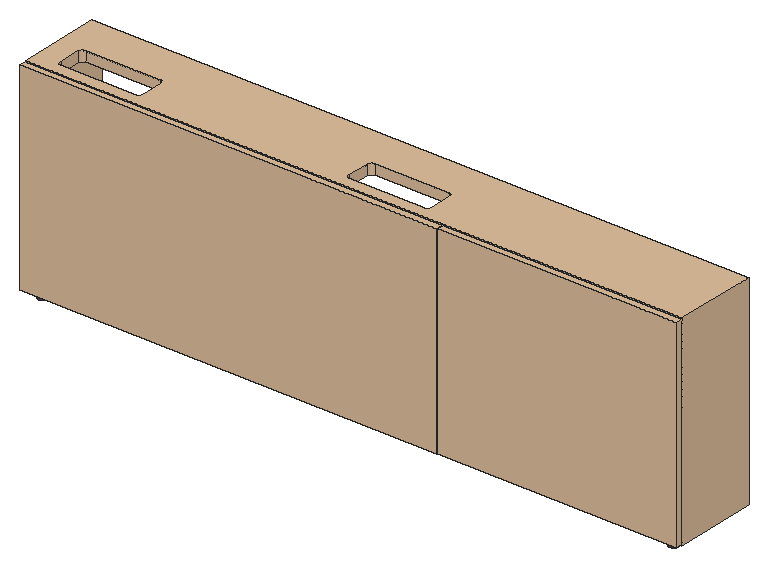
Revit family "Workstations-Height_Adjustable-Teknion-BHKFH-Mid_Height_Fixed_Run_Off-R2018", category Furniture, Revit 2018
Family settings
  OmniClass Number = 23.40.20.00
  OmniClass Title = General Furniture and Specialties
  Work Plane-Based = No
  Always vertical = Yes
  Cut with Voids When Loaded = No
  Shared = Yes
  Room Calculation Point = No
Parameters (values of type "66" Width")
  Width = 66.000"
  Warranty = "http://www.teknion.com/ca/papers/legal-canada"
  Unit Weight URL = "http://www.teknion.com/ca/tools/assets#&asset=bee6a381-b954-425e-8283-5a2de3a804f2,f828d448-4b62-4231-9e5f-9a8991c0ed77"
  URL = "www.teknion.com"
  To render please download texture images found here [instance] = "https://assets.teknion.com/web/5e81352c1dfdb467/revit-material-swatches/"
  Sustainability Data = "https://www.teknion.com/ca/tools/assets#&topic=216f99a5-57a0-44fc-b10a-9dee9b29ae4c&asset=444deb64-fe58-4b68-981e-f75e97781df7,b4ff2d81-9f2e-437d-9659-7cffb09c31cf"
  Series = "Expansion Casegoods"  # constant formula
  Right Support Visibility [instance] = if([Left Run-Off Configuration], not(or(and(Width = 66.000", [Run-Off Depth] = 24.000"), and(Width = 72.000", [Run-Off Depth] = 30.000"), and(Width = 78.000", [Run-Off Depth] = 36.000"))), 0 < 1)  # yes
  Right Support [instance] = if([Right Run-Off Configuration], Further Support, Actual Width - Closer Support)  # 41.729"
  Right Runoff Holes [instance] = if([Left Run-Off Configuration], 3.000", 10.000")  # 10.000"
  Right Drawer Cut Visibility 2D [instance] = Right Drawer Cut Visibility = 21.000"  # yes
  Right Drawer Cut Visibility [instance] = if([Left Run-Off Configuration], if(or(and(Width = 90.000", [Run-Off Depth] = 30.000"), and(Width = 90.000", [Run-Off Depth] = 24.000"), and(Width = 84.000", [Run-Off Depth] = 24.000")), 21.000", 0.500"), 21.000")  # 21.000"
  Right Drawer Cut Offset [instance] = if([Left Run-Off Configuration], 0.000", 0.059")  # 0.059"
  Right Construction Node [instance] = and(Connection Node Visibility, [Right Run-Off Configuration])  # yes
  Midpoint for Connection Nodes [instance] = ((Far Hole + 8.268" - Close Hole) / 2) + Close Hole  # 20.8355"
  Left Support Visibility [instance] = if([Right Run-Off Configuration], not(or(and(Width = 66.000", [Run-Off Depth] = 24.000"), and(Width = 72.000", [Run-Off Depth] = 30.000"), and(Width = 78.000", [Run-Off Depth] = 36.000"))), 0 < 1)  # no
  Left Support [instance] = if([Right Run-Off Configuration], Closer Support, Actual Width - Further Support)  # 21.118"
  Left Runoff Holes [instance] = if([Right Run-Off Configuration], 3.000", 10.000")  # 3.000"
  Left Drawer Cut Visibility 2D [instance] = Left Drawer Cut Visibility = 21.000"  # no
  Left Connection Node [instance] = and(Connection Node Visibility, [Left Run-Off Configuration])  # no
  Further Support [instance] = if(and(Width = 66.000", [Run-Off Depth] = 24.000"), 41.729", if(and(Width = 72.000", [Run-Off Depth] = 24.000"), 47.699", if(and(Width = 72.000", [Run-Off Depth] = 30.000"), 41.699", if(and(Width = 78.000", [Run-Off Depth] = 24.000"), 53.669", if(and(Width = 78.000", [Run-Off Depth] = 30.000"), 47.669", if(and(Width = 78.000", [Run-Off Depth] = 36.000"), 41.669", if(and(Width = 84.000", [Run-Off Depth] = 24.000"), 59.639", if(and(Width = 84.000", [Run-Off Depth] = 30.000"), 53.639", if(and(Width = 84.000", [Run-Off Depth] = 36.000"), 47.639", if(and(Width = 90.000", [Run-Off Depth] = 24.000"), 65.609", if(and(Width = 90.000", [Run-Off Depth] = 30.000"), 59.609", 53.609")))))))))))  # 41.729"
  Run-Off Depth Availability [instance] = if(Width = 66.000", "24 Inches", if(Width = 72.000", "24, and 30 Inches", "24, 30, and 36 Inches"))  # "24 Inches"
  Run-Off Depth [instance] = 24.000"
  Right Run-Off Configuration [instance] = not([Left Run-Off Configuration])  # yes
  Product Page URL = "https://www.teknion.com/ca/products/product-details?productLineId=0053336e-8e7a-673b-a6c8-ff00004460c4"
  Product Line = "Expansion Casegoods"  # constant formula
  Product Documentation Link = "https://www.teknion.com/pricing/expansion-casegoods/pdfs/BHKFH_ppg.pdf"
  Part Number = "BHKFH"  # constant formula
  Model = "BHKFH96621_"
  Manufacturer Phone = "416-661-3370"  # constant formula
  Manufacturer Fax = "416.661.4586"  # constant formula
  Manufacturer Contact Information = "http://www.teknion.com/ca/contactus"
  Manufacturer Address = "1150 Flint Road, Toronto, ON. M3J 2J5. Canada"  # constant formula
  Manufacturer = "Teknion"  # constant formula
  Left Run-Off Configuration [instance] = no
  How To Use Teknion Materials User Guide [instance] = "https://assets.teknion.com/m/205dd0a49fa58060/original/How-to-add-a-Material-Library-and-Texture-Images-to-your-Revit-project.pdf"
  Front Finish [instance] = Veneer - Teknion - 5N - Flintwood - White Oak
  For Additional Finishes please visit [instance] = "https://assets.teknion.com/m/44a8009b046e5d47/original/Teknion_Materials_Library.zip"
  Left Drawer Cut Visibility [instance] = if([Right Run-Off Configuration], if(or(and(Width = 90.000", [Run-Off Depth] = 30.000"), and(Width = 90.000", [Run-Off Depth] = 24.000"), and(Width = 84.000", [Run-Off Depth] = 24.000")), 21.000", 0.500"), 21.000")  # 0.500"
  Left Drawer Cut Offset [instance] = if([Right Run-Off Configuration], 0.000", 0.059")  # 0.000"
  Far Hole [instance] = if(and(Width = 66.000", [Run-Off Depth] = 24.000"), 31.129", if(and(Width = 72.000", [Run-Off Depth] = 24.000"), 37.099", if(and(Width = 72.000", [Run-Off Depth] = 30.000"), 31.114", if(and(Width = 78.000", [Run-Off Depth] = 24.000"), 38.342", if(and(Width = 78.000", [Run-Off Depth] = 30.000"), 37.084", if(and(Width = 78.000", [Run-Off Depth] = 36.000"), 31.099", if(and(Width = 84.000", [Run-Off Depth] = 24.000"), 44.312", if(and(Width = 84.000", [Run-Off Depth] = 30.000"), 38.327", if(and(Width = 84.000", [Run-Off Depth] = 36.000"), 37.069", if(and(Width = 90.000", [Run-Off Depth] = 24.000"), 50.282", if(and(Width = 90.000", [Run-Off Depth] = 30.000"), 44.297", 38.312")))))))))))  # 31.129"
  Description = "Mid-Height Kneespace Module Height-Adjustability and Fixed Run-Off, 9\" Depth, 66\" Width, 21\" Height"
  Connection Node Visibility [instance] = yes
  Closer Support [instance] = if(and(Width = 66.000", [Run-Off Depth] = 24.000"), 21.118", if(and(Width = 72.000", [Run-Off Depth] = 24.000"), 23.820", if(and(Width = 72.000", [Run-Off Depth] = 30.000"), 21.103", if(and(Width = 78.000", [Run-Off Depth] = 24.000"), 26.805", if(and(Width = 78.000", [Run-Off Depth] = 30.000"), 23.805", if(and(Width = 78.000", [Run-Off Depth] = 36.000"), 21.088", if(and(Width = 84.000", [Run-Off Depth] = 24.000"), 29.790", if(and(Width = 84.000", [Run-Off Depth] = 30.000"), 26.790", if(and(Width = 84.000", [Run-Off Depth] = 36.000"), 23.790", if(and(Width = 90.000", [Run-Off Depth] = 24.000"), 32.775", if(and(Width = 90.000", [Run-Off Depth] = 30.000"), 29.775", 26.775")))))))))))  # 21.118"
  Close Hole [instance] = if(and(Width = 66.000", [Run-Off Depth] = 24.000"), 2.274", if(and(Width = 72.000", [Run-Off Depth] = 24.000"), 2.274", if(and(Width = 72.000", [Run-Off Depth] = 30.000"), 2.259", if(and(Width = 78.000", [Run-Off Depth] = 24.000"), 7.000", if(and(Width = 78.000", [Run-Off Depth] = 30.000"), 2.259", if(and(Width = 78.000", [Run-Off Depth] = 36.000"), 2.244", if(and(Width = 84.000", [Run-Off Depth] = 24.000"), 7.000", if(and(Width = 84.000", [Run-Off Depth] = 30.000"), 6.985", if(and(Width = 84.000", [Run-Off Depth] = 36.000"), 2.244", if(and(Width = 90.000", [Run-Off Depth] = 24.000"), 7.000", if(and(Width = 90.000", [Run-Off Depth] = 30.000"), 6.985", 6.970")))))))))))  # 2.274"
  Case Finish [instance] = Veneer - Teknion - 5N - Flintwood - White Oak
  Assembly Code = "E2020200"
  Actual Width = if(Width = 66.000", 65.670", if(Width = 72.000", 71.640", if(Width = 78.000", 77.610", if(Width = 84.000", 83.580", 89.550"))))  # 65.670"
Types (6): name | Width | Right Support | Right Runoff Holes | Right Drawer Cut Offset | Right Construction Node | Midpoint for Connection Nodes | Left Support Visibility | Left Support | Left Runoff Holes | Left Drawer Cut Visibility 2D | Left Connection Node | Further Support | Run-Off Depth Availability | Run-Off Depth | Right Run-Off Configuration | Model | Left Run-Off Configuration | Left Drawer Cut Visibility | Left Drawer Cut Offset | Far Hole | Description | Closer Support | Close Hole | Actual Width
  (no name) | 66.000" | 41.729" | 10.000" | 0.059" | yes | 20.8355" | no | 21.118" | 3.000" | no | no | 41.729" | "24 Inches" | 24.000" | yes | "BHKFH96621_" | no | 0.500" | 0.000" | 31.129" | "Mid-Height Kneespace Module Height-Adjustability and Fixed Run-Off, 9\" Depth, 66\" Width, 21\" Height" | 21.118" | 2.274" | 65.670"
  66" Width | 66.000" | 41.729" | 10.000" | 0.059" | yes | 20.8355" | no | 21.118" | 3.000" | no | no | 41.729" | "24 Inches" | 24.000" | yes | "BHKFH96621_" | no | 0.500" | 0.000" | 31.129" | "Mid-Height Kneespace Module Height-Adjustability and Fixed Run-Off, 9\" Depth, 66\" Width, 21\" Height" | 21.118" | 2.274" | 65.670"
  72" Width | 72.000" | 47.699" | 10.000" | 0.059" | yes | 23.8205" | yes | 23.820" | 3.000" | no | no | 47.699" | "24, and 30 Inches" | 24.000" | yes | "BHKFH97221_" | no | 0.500" | 0.000" | 37.099" | "Mid-Height Kneespace Module Height-Adjustability and Fixed Run-Off, 9\" Depth, 72\" Width, 21\" Height" | 23.820" | 2.274" | 71.640"
  78" Width | 78.000" | 53.669" | 10.000" | 0.059" | yes | 26.805" | yes | 26.805" | 3.000" | no | no | 53.669" | "24, 30, and 36 Inches" | 24.000" | yes | "BHKFH97821_" | no | 0.500" | 0.000" | 38.342" | "Mid-Height Kneespace Module Height-Adjustability and Fixed Run-Off, 9\" Depth, 78\" Width, 21\" Height" | 26.805" | 7.000" | 77.610"
  84" Width | 84.000" | 53.790" | 3.000" | 0.000" | no | 29.790" | yes | 23.941" | 10.000" | yes | yes | 59.639" | "24, 30, and 36 Inches" | 24.000" | no | "BHKFH98421_" | yes | 21.000" | 0.059" | 44.312" | "Mid-Height Kneespace Module Height-Adjustability and Fixed Run-Off, 9\" Depth, 84\" Width, 21\" Height" | 29.790" | 7.000" | 83.580"
  90" Width | 90.000" | 53.609" | 10.000" | 0.059" | yes | 26.775" | yes | 26.775" | 3.000" | no | no | 53.609" | "24, 30, and 36 Inches" | 36.000" | yes | "BHKFH99021_" | no | 0.500" | 0.000" | 38.312" | "Mid-Height Kneespace Module Height-Adjustability and Fixed Run-Off, 9\" Depth, 90\" Width, 21\" Height" | 26.775" | 6.970" | 89.550"
Reference planes (in)
  plane 1 "Center Front/Back": y = 0
  plane 2: z = 0
  plane 3 "Center Left/Right": x = 0
  plane 4 "Left": x = -32.835
  plane 5 "Right": x = 32.835
  plane 6 "Back": y = 4.4775
  plane 7 "Front": y = -4.4775
  plane 8 "Top": z = 21
  plane 9: x = -11.717
  plane 10: x = 8.894
  plane 11: x = -11.9995
  plane 12: x = 11.9995
Forms (in)
  Sweep 1, solid, material "Veneer - Teknion - 5N - Flintwood - White Oak" <- "Case Finish"
    path origin (0, 0, 0) x (1, 0, 0) y (0, 1, 0)
      loop
        line (-32.835, 0) -> (32.835, 0)
    profile origin (0, 0, 0) x (0, 1, 0) y (0, 0, 1)
      loop
        line (-3.77671, 0.60236) -> (4.4775, 0.60236) -> (4.4775, 21) -> (-3.77671, 21) -> (-3.77671, 0.60236)
  Sweep 2, void
    path origin (0, 0, 0) x (1, 0, 0) y (0, 1, 0)
      loop
        line (-31.81925, 0) -> (31.81925, 0)
    profile origin (0, 0, 0) x (0, 1, 0) y (0, 0, 1)
      loop
        line (-3.77671, 19.98425) -> (-3.77671, 1.68504) -> (3.77671, 1.68504) -> (3.77671, 9) -> (4.4775, 9) -> (4.4775, 19.98425) -> (-3.77671, 19.98425)
  Sweep 3, solid, material "Veneer - Teknion - 5N - Flintwood - White Oak" <- "Case Finish", visible <- "Left Support Visibility"
    path origin (0, 0, 0) x (1, 0, 0) y (0, 1, 0)
      loop
        line (0, 3.77671) -> (0, -3.77671)
    profile origin (0, 0, 0) x (1, 0, 0) y (0, 0, 1)
      loop
        line (-12.22487, 19.98425) -> (-12.22487, 1.68504) -> (-11.20913, 1.68504) -> (-11.20913, 19.98425) -> (-12.22487, 19.98425)
  Sweep 4, solid, material "Veneer - Teknion - 5N - Flintwood - White Oak" <- "Case Finish", visible <- "Right Support Visibility"
    path origin (0, 0, 0) x (1, 0, 0) y (0, 1, 0)
      loop
        line (0, -3.77671) -> (0, 3.77671)
    profile origin (0, 0, 0) x (-1, 0, 0) y (0, 0, 1)
      loop
        line (-9.40187, 1.68504) -> (-8.38613, 1.68504) -> (-8.38613, 19.98425) -> (-9.40187, 19.98425) -> (-9.40187, 1.68504)
  Sweep 5, solid, material "Veneer - Teknion - 5N - Flintwood - White Oak" <- "Front Finish"
    path origin (0, 0, 0) x (1, 0, 0) y (0, 1, 0)
      loop
        line (-32.835, 0) -> (32.835, 0)
    profile origin (0, 0, 0) x (0, 1, 0) y (0, 0, 1)
      loop
        line (-3.77671, 20.88189) -> (-4.4775, 20.88189) -> (-4.4775, 0.72047) -> (-3.77671, 0.72047) -> (-3.77671, 20.88189)
  Sweep 6, void
    path origin (0, 0, 0) x (1, 0, 0) y (0, 0, 1)
      loop
        line (0, 0) -> (0, 0.5)
    profile origin (0, 0, 0.25) x (-1, 0, 0) y (0, -1, 0)
      loop
        line (11.776, 3.77671) -> (11.776, 4.4775) -> (11.65789, 4.4775) -> (11.65789, 3.77671) -> (11.776, 3.77671)
  Sweep 7, void
    path origin (0, 0, 0) x (1, 0, 0) y (0, 0, 1)
      loop
        line (0, 0) -> (0, 21)
    profile origin (0, 0, 10.5) x (-1, 0, 0) y (0, -1, 0)
      loop
        line (-8.83489, 3.77671) -> (-8.83489, 4.4775) -> (-8.953, 4.4775) -> (-8.953, 3.77671) -> (-8.83489, 3.77671)
  Sweep 8, void
    path origin (0, 0, 0) x (1, 0, 0) y (0, 0, 1)
      loop
        line (0, 16) -> (0, 26)
    profile origin (0, 0, 21) x (-1, 0, 0) y (0, -1, 0)
      loop
        arc (30.561, 2.30006) -> (30.43012, 2.61603) -> (30.11415, 2.74691) r 0.44685
        line (30.11415, 2.74691) -> (22.74013, 2.74691)
        arc (22.74013, 2.74691) -> (22.42416, 2.61603) -> (22.29328, 2.30006) r 0.44685
        line (22.29328, 2.30006) -> (22.29328, 0.08352)
        arc (22.29328, 0.08352) -> (22.42416, -0.23245) -> (22.74013, -0.36333) r 0.44685
        line (22.74013, -0.36333) -> (30.11415, -0.36333)
        arc (30.11415, -0.36333) -> (30.43012, -0.23245) -> (30.561, 0.08352) r 0.44685
        line (30.561, 0.08352) -> (30.561, 2.30006)
      loop
        arc (1.706, 2.30006) -> (1.57512, 2.61603) -> (1.25915, 2.74691) r 0.44685
        line (1.25915, 2.74691) -> (-6.11487, 2.74691)
        arc (-6.11487, 2.74691) -> (-6.43084, 2.61603) -> (-6.56172, 2.30006) r 0.44685
        line (-6.56172, 2.30006) -> (-6.56172, 0.08352)
        arc (-6.56172, 0.08352) -> (-6.43084, -0.23245) -> (-6.11487, -0.36333) r 0.44685
        line (-6.11487, -0.36333) -> (1.25915, -0.36333)
        arc (1.25915, -0.36333) -> (1.57512, -0.23245) -> (1.706, 0.08352) r 0.44685
        line (1.706, 0.08352) -> (1.706, 2.30006)
  Sweep 9, void
    path origin (0, 0, 0) x (1, 0, 0) y (0, 0, 1)
      loop
        line (0, 16) -> (0, 19)
    profile origin (0, 0, 17.5) x (-1, 0, 0) y (0, -1, 0)
      loop
        arc (-22.29328, 2.30006) -> (-22.42416, 2.61603) -> (-22.74013, 2.74691) r 0.44685
        line (-22.74013, 2.74691) -> (-30.11415, 2.74691)
        arc (-30.11415, 2.74691) -> (-30.43012, 2.61603) -> (-30.561, 2.30006) r 0.44685
        line (-30.561, 2.30006) -> (-30.561, 0.08352)
        arc (-30.561, 0.08352) -> (-30.43012, -0.23245) -> (-30.11415, -0.36333) r 0.44685
        line (-30.11415, -0.36333) -> (-22.74013, -0.36333)
        arc (-22.74013, -0.36333) -> (-22.42416, -0.23245) -> (-22.29328, 0.08352) r 0.44685
        line (-22.29328, 0.08352) -> (-22.29328, 2.30006)
      loop
        arc (6.56172, 2.30006) -> (6.43084, 2.61603) -> (6.11487, 2.74691) r 0.44685
        line (6.11487, 2.74691) -> (-1.25915, 2.74691)
        arc (-1.25915, 2.74691) -> (-1.57512, 2.61603) -> (-1.706, 2.30006) r 0.44685
        line (-1.706, 2.30006) -> (-1.706, 0.08352)
        arc (-1.706, 0.08352) -> (-1.57512, -0.23245) -> (-1.25915, -0.36333) r 0.44685
        line (-1.25915, -0.36333) -> (6.11487, -0.36333)
        arc (6.11487, -0.36333) -> (6.43084, -0.23245) -> (6.56172, 0.08352) r 0.44685
        line (6.56172, 0.08352) -> (6.56172, 2.30006)
  Sweep 10, solid, material "Plastic - Teknion - E1 - Black"
    path origin (0, 0, 0) x (1, 0, 0) y (0, 0, 1)
      loop
        line (0, 0) -> (0, 0.60236)
    profile origin (0, 0, 0.30118) x (-1, 0, 0) y (0, -1, 0)
      loop
        circle (31.5724, -3.22925) r 0.5
      loop
        circle (31.5724, 3.2269) r 0.5
      loop
        circle (-31.5724, -3.22925) r 0.5
      loop
        circle (-31.5724, 3.2269) r 0.5
Cuts and joins
  Sweep 2, Sweep 8, Sweep 9 cuts Sweep 1
  Sweep 6, Sweep 7 cuts Sweep 5
Lines and regions (in)
  Masking region 1
    outline origin (0, 0, 0) x (1, 0, 0) y (0, 1, 0)
      loop
        line (-32.835, 4.4775) -> (-32.835, -3.77671) -> (32.835, -3.77671) -> (32.835, 4.4775) -> (-32.835, 4.4775)
  Masking region 2
    outline origin (0, 0, 0) x (1, 0, 0) y (0, 1, 0)
      loop
        line (-32.835, -3.77671) -> (-32.835, -4.4775) -> (32.835, -4.4775) -> (32.835, -3.77671) -> (-32.835, -3.77671)
  symbolic lines, style "FurnitureHiddenLines", detail levels medium+fine
    curve 1: line (-31.81925, -3.77671, 0) -> (-31.81925, 4.4775, 0)
    curve 2: line (31.81925, 3.77671, 0) -> (-31.81925, 3.77671, 0)
    curve 3: line (31.81925, -3.77671, 0) -> (31.81925, 4.4775, 0)
  symbolic lines, style "FurnitureHiddenLines", detail levels fine
    curve 4: arc (-32.0724, 3.22925, 0) -> (-31.5724, 2.72925, 0) -> (-31.0724, 3.22925, 0) r 0.5
    curve 5: arc (-31.0724, 3.22925, 0) -> (-31.5724, 3.72925, 0) -> (-32.0724, 3.22925, 0) r 0.5
    curve 6: arc (-31.0724, -3.2269, 0) -> (-31.5724, -3.7269, 0) -> (-32.0724, -3.2269, 0) r 0.5
    curve 7: arc (-32.0724, -3.2269, 0) -> (-31.5724, -2.7269, 0) -> (-31.0724, -3.2269, 0) r 0.5
    curve 8: arc (31.0724, 3.22925, 0) -> (31.5724, 2.72925, 0) -> (32.0724, 3.22925, 0) r 0.5
    curve 9: arc (32.0724, 3.22925, 0) -> (31.5724, 3.72925, 0) -> (31.0724, 3.22925, 0) r 0.5
    curve 10: arc (31.0724, -3.2269, 0) -> (31.5724, -3.7269, 0) -> (32.0724, -3.2269, 0) r 0.5
    curve 11: arc (32.0724, -3.2269, 0) -> (31.5724, -2.7269, 0) -> (31.0724, -3.2269, 0) r 0.5
  symbolic lines, style "FurnitureHiddenLines", visible <- "Left Support Visibility", detail levels medium+fine
    curve 12: line (-12.22487, 3.77671, 0) -> (-12.22487, -3.77671, 0)
    curve 13: line (-11.20913, -3.77671, 0) -> (-11.20913, 3.77671, 0)
  symbolic lines, style "FurnitureHiddenLines", visible <- "Right Support Visibility", detail levels medium+fine
    curve 14: line (8.38613, 3.77671, 0) -> (8.38613, -3.77671, 0)
    curve 15: line (9.40187, -3.77671, 0) -> (9.40187, 3.77671, 0)
  symbolic lines, style "Furniture", visible <- "Right Run-Off Configuration", detail levels medium+fine
    curve 16: line (-22.74013, -2.74691, 0) -> (-30.11415, -2.74691, 0)
    curve 17: arc (-30.11415, -2.74691, 0) -> (-30.43012, -2.61603, 0) -> (-30.561, -2.30006, 0) r 0.44685
    curve 18: line (-30.561, -2.30006, 0) -> (-30.561, -0.08352, 0)
    curve 19: arc (-30.561, -0.08352, 0) -> (-30.43012, 0.23245, 0) -> (-30.11415, 0.36333, 0) r 0.44685
    curve 20: line (-30.11415, 0.36333, 0) -> (-22.74013, 0.36333, 0)
    curve 21: arc (-22.74013, 0.36333, 0) -> (-22.42416, 0.23245, 0) -> (-22.29328, -0.08352, 0) r 0.44685
    curve 22: line (-22.29328, -0.08352, 0) -> (-22.29328, -2.30006, 0)
    curve 23: arc (-22.29328, -2.30006, 0) -> (-22.42416, -2.61603, 0) -> (-22.74013, -2.74691, 0) r 0.44685
  symbolic lines, visible <- "Left Run-Off Configuration"
    curve 24: line (22.29328, -0.08352, 0) -> (22.29328, -2.30006, 0)
    curve 25: arc (22.29328, -2.30006, 0) -> (22.42416, -2.61603, 0) -> (22.74013, -2.74691, 0) r 0.44685
    curve 26: line (22.74013, -2.74691, 0) -> (30.11415, -2.74691, 0)
    curve 27: arc (30.11415, -2.74691, 0) -> (30.43012, -2.61603, 0) -> (30.561, -2.30006, 0) r 0.44685
    curve 28: line (30.561, -2.30006, 0) -> (30.561, -0.08352, 0)
    curve 29: arc (30.561, -0.08352, 0) -> (30.43012, 0.23245, 0) -> (30.11415, 0.36333, 0) r 0.44685
    curve 30: line (30.11415, 0.36333, 0) -> (22.74013, 0.36333, 0)
    curve 31: arc (22.74013, 0.36333, 0) -> (22.42416, 0.23245, 0) -> (22.29328, -0.08352, 0) r 0.44685
    curve 32: line (1.706, -2.30006, 0) -> (1.706, -0.08352, 0)
    curve 33: arc (1.706, -0.08352, 0) -> (1.57512, 0.23245, 0) -> (1.25915, 0.36333, 0) r 0.44685
    curve 34: line (1.25915, 0.36333, 0) -> (-6.11487, 0.36333, 0)
    curve 35: arc (-6.11487, 0.36333, 0) -> (-6.43084, 0.23245, 0) -> (-6.56172, -0.08352, 0) r 0.44685
    curve 36: line (-6.56172, -0.08352, 0) -> (-6.56172, -2.30006, 0)
    curve 37: arc (-6.56172, -2.30006, 0) -> (-6.43084, -2.61603, 0) -> (-6.11487, -2.74691, 0) r 0.44685
    curve 38: line (-6.11487, -2.74691, 0) -> (1.25915, -2.74691, 0)
    curve 39: arc (1.25915, -2.74691, 0) -> (1.57512, -2.61603, 0) -> (1.706, -2.30006, 0) r 0.44685
  symbolic lines, visible <- "Right Drawer Cut Visibility 2D"
    curve 40: line (8.953, -4.4775, 0) -> (8.953, -3.77671, 0)
    curve 41: line (8.83489, -3.77671, 0) -> (8.83489, -4.4775, 0)
  symbolic lines, visible <- "Left Drawer Cut Visibility 2D"
    curve 42: line (-11.776, -3.77671, 0) -> (-11.776, -4.4775, 0)
    curve 43: line (-11.65789, -4.4775, 0) -> (-11.65789, -3.77671, 0)
  symbolic lines, visible <- "Right Run-Off Configuration"
    curve 44: line (-1.25915, 0.36333, 0) -> (6.11487, 0.36333, 0)
    curve 45: arc (6.11487, 0.36333, 0) -> (6.43084, 0.23245, 0) -> (6.56172, -0.08352, 0) r 0.44685
    curve 46: line (6.56172, -0.08352, 0) -> (6.56172, -2.30006, 0)
    curve 47: arc (6.56172, -2.30006, 0) -> (6.43084, -2.61603, 0) -> (6.11487, -2.74691, 0) r 0.44685
    curve 48: line (6.11487, -2.74691, 0) -> (-1.25915, -2.74691, 0)
    curve 49: arc (-1.25915, -2.74691, 0) -> (-1.57512, -2.61603, 0) -> (-1.706, -2.30006, 0) r 0.44685
    curve 50: line (-1.706, -2.30006, 0) -> (-1.706, -0.08352, 0)
    curve 51: arc (-1.706, -0.08352, 0) -> (-1.57512, 0.23245, 0) -> (-1.25915, 0.36333, 0) r 0.44685
Dimensions and locks (in)
  "Actual Width": plane 4 "Left" to plane 5 "Right"
  locked: plane 6 "Back" to plane 7 "Front" at 8.955
  plane 8 "Top" to level = 21.000"
  equal spacing: plane 4 "Left", plane 3 "Center Left/Right", plane 5 "Right"
  equal spacing: plane 6 "Back", plane 1 "Center Front/Back", plane 7 "Front"
  Sweep 1 sketch curve to Sweep 1 sketch curve to level = 20.39764" locked, 0.60236" locked
  locked: plane 1 "Center Front/Back" to Sweep 1 sketch curve at 3.77671
  "Left Support": plane 4 "Left" to plane 9
  "Right Support": plane 4 "Left" to plane 10
  locked: Sweep 2 sketch curve to plane 5 "Right" at 1.01575
  locked: plane 4 "Left" to Sweep 2 sketch curve at 1.01575
  Sweep 2 sketch curve to Sweep 2 sketch curve to Sweep 2 sketch curve to level = 10.98425" locked, 7.31496" locked, 1.68504" locked
  locked: plane 6 "Back" to Sweep 2 sketch curve at 0.70079
  locked: Sweep 2 sketch curve to plane 7 "Front" at 0.70079
  Sweep 3 sketch curve to plane 1 "Center Front/Back" to Sweep 3 sketch curve = 3.77671" locked, 3.77671" locked
  Sweep 3 sketch curve to Sweep 3 sketch curve to level = 18.29921" locked, 1.68504" locked
  Sweep 3 sketch curve to plane 9 to Sweep 3 sketch curve = 0.50787" locked, 0.50787" locked
  Sweep 4 sketch curve to plane 1 "Center Front/Back" to Sweep 4 sketch curve = 3.77671" locked, 3.77671" locked
  Sweep 4 sketch curve to plane 10 to Sweep 4 sketch curve = 0.50787" locked, 0.50787" locked
  Sweep 4 sketch curve to Sweep 4 sketch curve to level = 18.29921" locked, 1.68504" locked
  Sweep 5 sketch curve to Sweep 5 sketch curve to level = 20.16142" locked, 0.72047" locked
  locked: Sweep 5 sketch curve to plane 7 "Front" at 0.70079
  "Left Drawer Cut Visibility": Sweep 6 sketch curve to level
  locked: Sweep 6 sketch curve to Sweep 6 sketch curve at 0.11811
  Sweep 6 sketch curve to plane 7 "Front" to Sweep 6 sketch curve = 0.000" locked, 0.70079" locked
  "Right Drawer Cut Offset": Sweep 6 sketch curve to plane 9
  "Right Drawer Cut Visibility": Sweep 7 sketch curve to level
  locked: Sweep 7 sketch curve to Sweep 7 sketch curve at 0.11811
  plane 7 "Front" to Sweep 7 sketch curve to Sweep 7 sketch curve = 0.000" locked, 0.70079" locked
  "Right Drawer Cut Offset": plane 10 to Sweep 7 sketch curve
  locked: Sweep 8 sketch curve to level at 16
  "Right Runoff Holes": Sweep 8 sketch curve to Sweep 8 sketch curve
  plane 7 "Front" to Sweep 8 sketch curve to Sweep 8 sketch curve to Sweep 8 sketch curve to Sweep 8 sketch curve = 1.73059" locked, 0.000" locked, 3.11024" locked, 0.000" locked
  locked: Sweep 8 sketch curve to Sweep 8 sketch curve at 8.26772  (x2)
  "Close Hole": plane 4 "Left" to Sweep 8 sketch curve
  "Far Hole": plane 4 "Left" to Sweep 8 sketch curve
  locked: Sweep 9 sketch curve to level at 16
  "Left Runoff Holes": Sweep 9 sketch curve to Sweep 9 sketch curve
  plane 7 "Front" to Sweep 9 sketch curve to Sweep 9 sketch curve to Sweep 9 sketch curve to Sweep 9 sketch curve = 1.73059" locked, 0.000" locked, 3.11024" locked, 0.000" locked
  "Close Hole": Sweep 9 sketch curve to plane 5 "Right"
  locked: Sweep 9 sketch curve to Sweep 9 sketch curve at 8.26772  (x2)
  "Far Hole": Sweep 9 sketch curve to plane 5 "Right"
  locked: Sweep 10 sketch curve to level at 0.60236
  plane 4 "Left" to Sweep 10 sketch curve to Sweep 10 sketch curve = 1.2626" locked, 0.000" locked
  locked: plane 6 "Back" to Sweep 10 sketch curve at 1.24825  (x2)
  locked: plane 7 "Front" to Sweep 10 sketch curve at 1.2506  (x2)
  Sweep 10 sketch curve to Sweep 10 sketch curve to plane 5 "Right" = 0.000" locked, 1.2626" locked
  plane 6 "Back" to Masking region 1 sketch curve = 8.25421"
  locked: plane 7 "Front" to Masking region 2 sketch curve at 0.70079
  "Midpoint for Connection Nodes": plane 4 "Left" to plane 11
  "Midpoint for Connection Nodes": plane 12 to plane 5 "Right"
  locked: plane 6 "Back" to nested 1 at 3
  locked: plane 6 "Back" to nested 2 at 3
  aligned and locked: level to plane 2
  aligned and locked: plane 5 "Right" to Sweep 1 sketch curve
  aligned and locked: plane 4 "Left" to Sweep 1 sketch curve
  aligned and locked: plane 1 "Center Front/Back" to Sweep 1 sketch curve
  aligned and locked: Sweep 1 sketch curve to plane 6 "Back"
  aligned and locked: plane 1 "Center Front/Back" to Sweep 2 sketch curve
  aligned and locked: Sweep 2 sketch curve to plane 6 "Back"
  aligned and locked: Sweep 3 sketch curve to plane 3 "Center Left/Right"
  aligned and locked: plane 3 "Center Left/Right" to Sweep 4 sketch curve
  aligned and locked: plane 4 "Left" to Sweep 5 sketch curve
  aligned and locked: plane 1 "Center Front/Back" to Sweep 5 sketch curve
  aligned and locked: plane 5 "Right" to Sweep 5 sketch curve
  aligned and locked: Sweep 5 sketch curve to plane 7 "Front"
  aligned and locked: level to Sweep 6 sketch curve
  aligned and locked: plane 3 "Center Left/Right" to Sweep 6 sketch curve
  aligned and locked: plane 3 "Center Left/Right" to Sweep 7 sketch curve
  aligned and locked: level to Sweep 7 sketch curve
  aligned and locked: plane 3 "Center Left/Right" to Sweep 8 sketch curve
  aligned and locked: plane 3 "Center Left/Right" to Sweep 9 sketch curve
  aligned and locked: level to Sweep 10 sketch curve
  aligned and locked: plane 3 "Center Left/Right" to Sweep 10 sketch curve
  aligned and locked: Masking region 1 sketch curve to plane 6 "Back"
  aligned and locked: plane 4 "Left" to Masking region 1 sketch curve
  aligned and locked: Masking region 1 sketch curve to plane 5 "Right"
  aligned and locked: Masking region 2 sketch curve to plane 4 "Left"
  aligned and locked: Masking region 2 sketch curve to plane 7 "Front"
  aligned and locked: plane 5 "Right" to Masking region 2 sketch curve
  aligned and locked: curve 1 to cut or joined group of Sweep 1, Sweep 2, Sweep 8, Sweep 9
  aligned and locked: curve 2 to cut or joined group of Sweep 1, Sweep 2, Sweep 8, Sweep 9
  aligned and locked: curve 3 to cut or joined group of Sweep 1, Sweep 2, Sweep 8, Sweep 9
  aligned and locked: curve 4 to Sweep 10
  aligned and locked: curve 5 to Sweep 10
  aligned and locked: curve 7 to Sweep 10
  aligned and locked: curve 8 to Sweep 10
  aligned and locked: curve 9 to Sweep 10
  aligned and locked: curve 10 to Sweep 10
  aligned and locked: curve 11 to Sweep 10
  aligned and locked: curve 12 to Sweep 3
  aligned and locked: curve 13 to Sweep 3
  aligned and locked: curve 14 to Sweep 4
  aligned and locked: curve 15 to Sweep 4
  aligned and locked: curve 16 to cut or joined group of Sweep 1, Sweep 2, Sweep 8, Sweep 9
  aligned and locked: curve 18 to cut or joined group of Sweep 1, Sweep 2, Sweep 8, Sweep 9
  aligned and locked: curve 20 to cut or joined group of Sweep 1, Sweep 2, Sweep 8, Sweep 9
  aligned and locked: curve 22 to cut or joined group of Sweep 1, Sweep 2, Sweep 8, Sweep 9
  aligned and locked: curve 26 to Sweep 9
  aligned and locked: curve 28 to Sweep 9
  aligned and locked: curve 30 to Sweep 9
  aligned and locked: curve 32 to Sweep 9
  aligned and locked: curve 34 to Sweep 9
  aligned and locked: curve 36 to Sweep 9
  aligned and locked: curve 38 to Sweep 9
  aligned and locked: curve 40 to cut or joined group of Sweep 5, Sweep 6, Sweep 7
  aligned and locked: curve 41 to cut or joined group of Sweep 5, Sweep 6, Sweep 7
  aligned and locked: curve 42 to Sweep 6
  aligned and locked: curve 43 to Sweep 6
  aligned and locked: curve 45 to cut or joined group of Sweep 1, Sweep 2, Sweep 8, Sweep 9
  aligned and locked: curve 47 to cut or joined group of Sweep 1, Sweep 2, Sweep 8, Sweep 9
  aligned and locked: curve 49 to cut or joined group of Sweep 1, Sweep 2, Sweep 8, Sweep 9
  aligned and locked: curve 51 to cut or joined group of Sweep 1, Sweep 2, Sweep 8, Sweep 9
  aligned and locked: plane 11 to nested 1
  aligned and locked: plane 12 to nested 2
Automatic sketch dimensions
  Sweep 8 sketch curve to Sweep 8 sketch curve = 0.44685"  (x6)
  Sweep 8 sketch curve to Sweep 8 sketch curve = 0.000"  (x2)
  plane 1 "Center Front/Back" to Sweep 9 sketch curve = 0.08352"  (x4)
  Sweep 9 sketch curve to Sweep 9 sketch curve = 0.44685"  (x3)
  Sweep 9 sketch curve to Sweep 9 sketch curve = 0.000"
  plane 7 "Front" to curve 40 = 0.000"
  plane 7 "Front" to curve 42 = 0.000"
  plane 7 "Front" to curve 43 = 0.000"
  plane 7 "Front" to curve 41 = 0.000"
  curve 3 to plane 6 "Back" = 0.000"
  curve 1 to plane 6 "Back" = 0.000"
  curve 19 to curve 20 = 0.44685"
  curve 17 to curve 16 = 0.44685"
  curve 16 to curve 22 = 0.44685"
  curve 20 to curve 21 = 0.44685"
  curve 37 to curve 38 = 0.44685"
  plane 1 "Center Front/Back" to curve 35 = 0.08352"
  curve 38 to curve 39 = 0.44685"
  curve 34 to curve 32 = 0.44685"
  curve 24 to curve 25 = 0.44685"
  plane 1 "Center Front/Back" to curve 31 = 0.08352"
  curve 30 to curve 28 = 0.44685"
  curve 27 to curve 27 = 0.44685"
  curve 12 to plane 7 "Front" = 0.70079"
  curve 12 to curve 43 = 0.000"
  curve 43 to curve 13 = 0.000"
  curve 14 to plane 7 "Front" = 0.70079"
  curve 42 to curve 43 = 0.000"
  curve 1 to curve 6 = 0.54982"
  curve 3 to curve 10 = 0.54982"
  curve 14 to curve 41 = 0.000"
  curve 41 to curve 40 = 0.000"
  curve 40 to curve 15 = 0.000"
  curve 24 to curve 29 = 7.82087"
  radius of Sweep 10 sketch curve = 0.500"  (x4)
Nested families (in)
  nested 1: "Teknion_2D_Node_Family-R2016" at (-11.9995, 1.4775, 0), visible <- "Right Construction Node", type "Teknion_2D_Node_Family-R2016"
  nested 2: "Teknion_2D_Node_Family-R2016" at (11.9995, 1.4775, 0), visible <- "Left Connection Node", type "Teknion_2D_Node_Family-R2016"
Definition of nested family "Teknion_2D_Node_Family-R2016"
  Reference planes (in)
    plane 1 "Center (Front/Back)": y = 0
    plane 2: z = 0
    plane 3 "Center (Left/Right)": x = 0
  Lines and regions (in)
    detail lines, in view "Ref. Level"
      curve 1: circle (0, 0, 0) r 1.25 normal (0, 0, 1)
      curve 2: line (1.91508, -1.91508, 0) -> (-1.91508, 1.91508, 0)
      curve 3: line (-1.91508, -1.91508, 0) -> (1.91508, 1.91508, 0)
